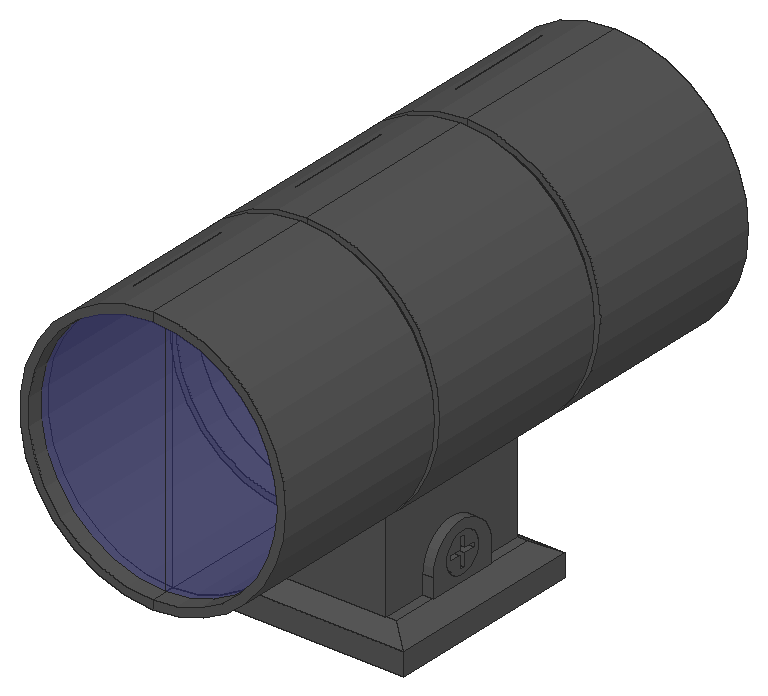
Revit family "CARLO CYLINDER LIGHT WALL MOUNT", category Lighting Fixtures, host Face, Revit 2020 (continued)
Types (10): name | Wattage_Input | Wattage Comments | Wattage | Photometric Web File | built-in parameter 1150142 | Model | built-in parameter 1150105 | Lumens | Light Length 1 | LIGHT RADIUS | LIGHT PLACEMENT | LIGHT LENGTH | LIGHT DIA | built-in parameter 1150106 | FIXED END HEIGHT | Curve base Height | Base Curve | BEAMING ANGLE | Apparent Load
     0.59403 0.7038 0.80446 0.91078 1.0316 1.1636 1.3129 \r\n 1.4592 1.5685 1.6866 1.8676 2.0529 2.1881 2.3147 2.4578 2.6121 2.7909 \r\n 2.9633 3.0908 3.2093 3.3442 3.4882 3.6444 3.8079 3.9728 4.1462 4.3326 \r\n 4.5342 4.7449 4.993 5.2937 5.6796 6.1845 6.8195 7.6367 8.5475 9.4854 \r\n 10.436 11.323 12.263 13.116 14.572 17.259 21.228 27.019 33.787 40.932 \r\n 48.248 55.182 62.184 69.635 77.186 84.644 91.915 98.921 105.41 111.03 \r\n 115.98 120.51 124.13 126.13 127.41 128.67 129.76 130.74 131.64 132.52 \r\n 133.39 134.26 135.17 136.19 137.23 138.17 139.13 140.17 141.29 142.47 \r\n 143.82 145.46 147.35 149.46 151.95 154.99 158.56 162.62 167.47 173.38 \r\n 180.47 188.33 198.77 214.55 232.43 249.79 267.59 284.66 304.73 332.12 \r\n 363.85 398.42 435.63 474.69 515.84 559.13 604.33 651.42 699.73 748.57 \r\n 797.93 847.75 897.6 947.22 996.05 1043.9 1089.3 1131.2 1169.1 1201.4 \r\n 1230.2 1257 1282.5 1308 1333.3 1359.8 1385.1 1407.8 1427.2 1441.7 \r\n 1452.3 \r\n1448.4 1439.1 1426.1 1410 1391.4 1371 1348.3 1322.9 1295.6 1267.7 \r\n 1237.5 1203.7 1166.8 1126.9 1084.4 1039.6 992.96 944.51 894.81 844.28 \r\n 793.32 742.19 691.68 642.56 595.16 550.25 507.3 465.81 426.41 389.43 \r\n 355.36 324.8 297.73 274.75 254.48 235.24 218.5 205.69 195.18 185.73 \r\n 177.63 170.81 165.08 160.3 156.23 152.55 149.39 146.82 144.65 142.71 \r\n 141.05 139.69 138.54 137.56 136.66 135.75 134.84 133.89 132.97 132.13 \r\n 131.34 130.57 129.84 129.17 128.48 127.72 126.82 125.89 124.44 122.05 \r\n 118.65 113.94 108.25 101.71 94.693 87.683 80.48 72.951 65.383 58.002 \r\n 50.857 44.071 37.653 31.554 26.065 21.392 17.742 15.633 14.338 13.343 \r\n 12.536 11.645 10.64 9.3211 7.9332 6.5829 5.4849 5.0122 4.7963 4.5807 \r\n 4.4024 4.2076 4.0127 3.8095 3.618 3.4611 3.3223 3.1963 3.071 2.9302 \r\n 2.7811 2.6208 2.4639 2.3309 2.2018 2.0625 1.9148 1.7453 1.5853 1.4766 \r\n 1.3729 1.229 1.0829 0.96276 0.85304 0.74618 0.64622 0.55243 0.47167 0.41359 \r\n 0.36919 0.33312 0.30408 0.27881 0.25787 0.2408 0.22749 0.21926 0.21133 0.19924 \r\n 0.1874 0.17989 0.17327 0.16486 0.15653 0.14944 0.14298 0.13713 0.13122 0.12424 \r\n 0.11723 0.11113 0.1052 0.099129 0.092657 0.084553 0.077462 0.075905 0.073015 0.060296 \r\n 0.047148 0.042495 0.039272 0.03202 0.024846 0.020789 0.017598 0.013554 0.010095 0.0088099 \r\n 0.007532 0.0036563 0.000090 0 0 0 0 0 0 0 \r\n 0 0 0 0 0 0 0 0 0.000044 0.0019379 \r\n 0.0047921 0.0086244 0.012515 0.015106 0.017728 0.0213 0.025688 0.03124 0.037421 0.043042 \r\n 0.050408 0.063366 0.0761 0.082693 0.087294 0.092143 0.097063 0.10271 0.10882 0.11534 \r\n 0.12227 0.12963 0.13728 0.1451 0.1531 0.16136 0.16958 0.17679 0.18513 0.19842 \r\n 0.21077 0.21475 0.21877 0.23207 0.24814 0.26167 0.27825 0.3029 0.332 0.36142 \r\n 0.39779 0.44442 0.50713 0.59805 0.70149 0.80314 0.91094 1.0271 1.1545 1.3048 \r\n 1.4539 1.568 1.6885 1.8618 2.0397 2.18 2.3118 2.4485 2.5954 2.7746 \r\n 2.9497 3.0805 3.2015 3.3361 3.4781 3.631 3.7886 3.9418 4.1021 4.2769 \r\n 4.4687 4.6799 4.9185 5.1831 5.5054 5.9033 6.4168 7.1151 7.9286 8.826 \r\n 9.7612 10.641 11.575 12.419 13.841 16.446 20.272 25.809 32.307 39.228 \r\n 46.426 53.498 60.682 68.149 75.691 83.192 90.538 97.66 104.3 110.14 \r\n 115.31 120.01 123.76 125.87 127.2 128.43 129.47 130.49 131.42 132.27 \r\n 133.1 133.98 134.89 135.88 136.89 137.87 138.86 139.9 141 142.18 \r\n 143.53 145.14 147.02 149.11 151.58 154.53 158.02 162.03 166.82 172.57 \r\n 179.48 187.34 197.5 211.95 228.46 245.21 262.96 280.99 302.03 329.34 \r\n 360.64 394.82 431.66 470.52 511.56 554.84 599.98 646.8 694.79 743.3 \r\n 792.47 842.42 892.51 942.36 991.37 1039.1 1084.6 1126.5 1164.6 1197.3 \r\n 1226.6 1253.5 1279.2 1305.3 1331.3 1357.7 1382.9 1405.9 1425.7 1440.8 \r\n 1452.3 \r\n1448.4 1439.4 1426.3 1409.7 1390.5 1369.2 1345.8 1320.2 1293 1265.5 \r\n 1235.7 1202.2 1165.7 1126.3 1084.2 1039.7 992.96 944.24 894.21 843.48 \r\n 792.47 741.6 691.41 642.38 595.08 550.49 507.82 466.35 426.85 389.67 \r\n 355.42 324.86 298 275.86 256.21 236.36 218.8 205.82 195.29 185.71 \r\n 177.5 170.66 164.92 160.13 156.04 152.36 149.18 146.57 144.39 142.48 \r\n 140.87 139.55 138.45 137.52 136.67 135.78 134.89 134.01 133.15 132.35 \r\n 131.59 130.82 130.09 129.45 128.81 128.09 127.24 126.32 124.84 122.35 \r\n 118.85 114.1 108.37 101.71 94.521 87.233 79.81 72.319 64.878 57.623 \r\n 50.567 43.733 37.235 31.098 25.614 21.052 17.513 15.388 14.07 13.143 \r\n 12.414 11.541 10.552 9.3032 7.9778 6.6265 5.5068 5.0152 4.7848 4.5742 \r\n 4.4042 4.2059 4.0067 3.8069 3.6191 3.4604 3.3177 3.1864 3.0581 2.9231 \r\n 2.7805 2.6192 2.4588 2.3209 2.1881 2.0522 1.9075 1.7326 1.5668 1.4592 \r\n 1.3585 1.2173 1.0725 0.94882 0.83573 0.73167 0.63479 0.539 0.4555 0.39684 \r\n 0.35283 0.31814 0.29066 0.26596 0.2456 0.23018 0.21815 0.20893 0.20012 0.18881 \r\n 0.1781 0.1712 0.16496 0.15673 0.14831 0.14075 0.13377 0.12784 0.12187 0.11433 \r\n 0.10701 0.10181 0.096902 0.090907 0.084416 0.076834 0.070348 0.069406 0.066628 0.052515 \r\n 0.037876 0.033078 0.029958 0.022066 0.014639 0.011862 0.010443 0.0080496 0.0059907 0.0052278 \r\n 0.0044695 0.0021697 0.000053 0 0 0 0 0 0 0 \r\n 0 0 0 0 0 0 0 0 0.000073 0.0033254 \r\n 0.0080241 0.013825 0.019667 0.024032 0.027949 0.03164 0.036009 0.042682 0.049721 0.054721 \r\n 0.060714 0.071414 0.082375 0.089596 0.09546 0.10082 0.10626 0.11291 0.12001 0.12746 \r\n 0.13447 0.13922 0.14463 0.1542 0.1643 0.17171 0.17886 0.18708 0.19642 0.20871 \r\n 0.21995 0.22459 0.22907 0.24126 0.25659 0.27235 0.29089 0.31356 0.34067 0.37201 \r\n 0.41057 0.45739 0.5181 0.60213 0.69915 0.8016 0.91062 1.0217 1.1442 1.2953 \r\n 1.4475 1.5661 1.6889 1.8542 2.0248 2.1704 2.3077 2.4374 2.5764 2.7556 \r\n 2.9334 3.0675 3.1912 3.3253 3.4647 3.6143 3.7657 3.9073 4.0542 4.2164 \r\n 4.3973 4.6074 4.8349 5.0601 5.317 5.6117 6.0085 6.5913 7.3088 8.1625 \r\n 9.0779 9.9446 10.872 11.719 13.124 15.679 19.383 24.64 30.836 37.521 \r\n 44.602 51.832 59.22 66.717 74.252 81.772 89.169 96.401 103.21 109.29 \r\n 114.71 119.56 123.42 125.61 126.99 128.18 129.17 130.21 131.18 132 \r\n 132.79 133.66 134.58 135.54 136.52 137.53 138.55 139.59 140.68 141.85 \r\n 143.19 144.79 146.65 148.74 151.18 154.06 157.46 161.43 166.16 171.77 \r\n 178.51 186.4 196.25 209.21 224.2 240.34 258.15 277.26 299.4 326.68 \r\n 357.57 391.35 427.81 466.49 507.44 550.75 595.87 642.41 690.04 738.24 \r\n 787.23 837.31 887.65 937.77 986.96 1034.7 1080 1122 1160.2 1193.4 \r\n 1223.2 1250.3 1276.2 1303 1329.6 1355.9 1380.9 1404 1424.2 1439.9 \r\n 1452.3 \r\n1448.4 1439.9 1426.6 1409.7 1389.9 1367.7 1343.6 1317.9 1291 1263.7 \r\n 1234.4 1201.3 1165.1 1126.2 1084.6 1040.3 993.55 944.56 894.21 843.3 \r\n 792.24 741.64 691.78 642.9 595.71 551.36 508.88 467.42 427.83 390.44 \r\n 356 325.34 298.62 277.31 258.31 237.88 219.49 206.22 195.54 185.82 \r\n 177.52 170.63 164.89 160.06 155.96 152.26 149.07 146.43 144.22 142.34 \r\n 140.77 139.48 138.42 137.53 136.72 135.84 134.98 134.15 133.35 132.59 \r\n 131.84 131.08 130.35 129.73 129.12 128.44 127.62 126.7 125.19 122.6 \r\n 119 114.2 108.41 101.63 94.289 86.767 79.157 71.686 64.339 57.188 \r\n 50.203 43.302 36.714 30.545 25.072 20.604 17.154 15.002 13.651 12.79 \r\n 12.139 11.284 10.318 9.1589 7.9247 6.6114 5.5051 5.0079 4.7672 4.5626 \r\n 4.3999 4.1988 3.9967 3.8029 3.6212 3.4616 3.3154 3.1786 3.047 2.9187 \r\n 2.7831 2.6211 2.4571 2.3138 2.1771 2.045 1.904 1.7244 1.5531 1.4459 \r\n 1.3474 1.2088 1.0654 0.93783 0.82112 0.71985 0.62605 0.52804 0.44149 0.38204 \r\n 0.3381 0.30423 0.27777 0.25346 0.23358 0.21956 0.20861 0.19862 0.1891 0.1784 \r\n 0.1686 0.16217 0.15626 0.14831 0.13997 0.13193 0.12443 0.11842 0.1124 0.10438 \r\n 0.096784 0.092283 0.088205 0.082349 0.075979 0.069111 0.063292 0.06252 0.059454 0.044191 \r\n 0.028405 0.023442 0.020383 0.012051 0.0045624 0.0030238 0.0032876 0.002537 0.0018859 0.0016458 \r\n 0.0014071 0.00068304 0.000017 0 0 0 0 0 0 0 \r\n 0 0 0 0 0 0 0 0 0.000100 0.0046214 \r\n 0.010985 0.018401 0.025826 0.031726 0.036782 0.040553 0.044874 0.052499 0.060236 0.064584 \r\n 0.069232 0.077733 0.086989 0.094889 0.10203 0.10786 0.11374 0.12121 0.12916 0.13748 \r\n 0.14461 0.14711 0.15052 0.16149 0.17332 0.17995 0.18614 0.19527 0.20545 0.21656 \r\n 0.22661 0.23226 0.23757 0.24854 0.26293 0.28081 0.30128 0.32203 0.34726 0.38066 \r\n 0.42152 0.46839 0.52715 0.60517 0.69655 0.79933 0.90903 1.0155 1.1338 1.2855 \r\n 1.44 1.5626 1.6871 1.8453 2.0091 2.1595 2.3016 2.4249 2.5566 2.7357 \r\n 2.9157 3.0527 3.1785 3.3118 3.4488 3.595 3.7408 3.8722 4.0071 4.1573 \r\n 4.3271 4.5347 4.7502 4.9371 5.1343 5.3415 5.6399 6.122 6.753 7.5614 \r\n 8.451 9.297 10.215 11.074 12.484 15.027 18.645 23.629 29.523 35.988 \r\n 42.965 50.354 57.948 65.492 73.029 80.545 87.962 95.294 102.26 108.6 \r\n 114.26 119.22 123.13 125.4 126.81 127.96 128.91 129.96 130.95 131.74 \r\n 132.49 133.36 134.27 135.19 136.16 137.19 138.24 139.27 140.35 141.52 \r\n 142.85 144.44 146.28 148.36 150.78 153.6 156.94 160.88 165.57 171.06 \r\n 177.65 185.59 195.15 206.64 220.15 235.82 253.79 273.94 297.12 324.4 \r\n 354.96 388.39 424.52 463.05 503.95 547.31 592.43 638.68 685.98 733.92 \r\n 782.77 832.99 883.59 933.96 983.32 1030.9 1076 1118 1156.5 1190.1 \r\n 1220.4 1247.8 1273.9 1301.3 1328.4 1354.6 1379.4 1402.6 1423 1439 \r\n 1452.3 \r\n1448.4 1440.4 1426.9 1409.7 1389.5 1366.6 1341.8 1316.1 1289.4 1262.3 \r\n 1233.2 1200.4 1164.6 1126.1 1084.8 1040.7 994.14 945 894.44 843.4 \r\n 792.31 741.84 692.2 643.6 596.66 552.37 509.9 468.46 428.86 391.37 \r\n 356.81 325.98 299.24 278.43 259.84 239.01 220.07 206.58 195.8 186.02 \r\n 177.68 170.75 164.97 160.12 156 152.29 149.09 146.45 144.24 142.37 \r\n 140.83 139.57 138.53 137.65 136.84 135.97 135.11 134.31 133.54 132.8 \r\n 132.06 131.31 130.59 129.98 129.37 128.66 127.8 126.86 125.31 122.67 \r\n 118.98 114.02 108.05 101.15 93.714 86.145 78.501 70.97 63.568 56.398 \r\n 49.393 42.421 35.784 29.672 24.284 19.877 16.473 14.338 13.003 12.189 \r\n 11.593 10.777 9.8657 8.8109 7.6916 6.4778 5.4468 4.9733 4.7359 4.5386 \r\n 4.3805 4.1827 3.9843 3.7984 3.6236 3.4645 3.3164 3.1765 3.0435 2.921 \r\n 2.7912 2.628 2.4606 2.3137 2.1747 2.0457 1.908 1.7259 1.5515 1.4442 \r\n 1.3464 1.2092 1.0663 0.93558 0.81613 0.71721 0.62586 0.52568 0.43631 0.37643 \r\n 0.33249 0.29776 0.27042 0.2457 0.22572 0.21208 0.20159 0.19169 0.18216 0.17131 \r\n 0.16136 0.15491 0.14912 0.14162 0.13362 0.12528 0.11745 0.11176 0.10606 0.097753 \r\n 0.089794 0.085207 0.081219 0.075654 0.069739 0.063688 0.058353 0.056713 0.052607 0.037192 \r\n 0.021487 0.016342 0.013412 0.0062011 0 0 0 0 0 0 \r\n 0 0 0 0 0 0 0 0 0 0 \r\n 0 0 0 0 0 0 0 0 0.00010335 0.0048021 \r\n 0.011352 0.018815 0.026268 0.032305 0.037444 0.041051 0.045171 0.052806 0.060454 0.064341 \r\n 0.06828 0.075561 0.083978 0.092687 0.1009 0.10686 0.11263 0.12006 0.12804 0.13681 \r\n 0.14423 0.14619 0.14898 0.1599 0.17177 0.1781 0.184 0.19324 0.20338 0.21342 \r\n 0.22279 0.22999 0.23672 0.24641 0.25935 0.27794 0.2993 0.3193 0.34406 0.37936 \r\n 0.42212 0.46881 0.52657 0.60331 0.69321 0.79456 0.90302 1.0088 1.1266 1.2782 \r\n 1.4326 1.5554 1.6795 1.8353 1.9969 2.1478 2.2903 2.4117 2.5413 2.7204 \r\n 2.9007 3.0371 3.162 3.2945 3.4302 3.5747 3.7177 3.8445 3.9736 4.1169 \r\n 4.2788 4.4801 4.6843 4.8465 5.0122 5.1863 5.4454 5.8762 6.4529 7.2096 \r\n 8.0528 8.857 9.7521 10.63 12.079 14.7 18.341 23.142 28.824 35.182 \r\n 42.133 49.628 57.367 65.024 72.628 80.082 87.441 94.843 101.94 108.5 \r\n 114.34 119.28 123.11 125.36 126.77 127.92 128.87 129.91 130.87 131.63 \r\n 132.36 133.21 134.1 135 135.94 136.97 138.03 139.05 140.12 141.28 \r\n 142.6 144.17 145.99 148.07 150.5 153.32 156.66 160.6 165.29 170.77 \r\n 177.33 185.31 194.71 205.36 218.11 233.89 252.25 272.8 296.31 323.64 \r\n 354.13 387.49 423.55 462.06 502.96 546.37 591.48 637.49 684.54 732.47 \r\n 781.42 831.81 882.59 933.14 982.56 1029.8 1074.7 1116.6 1155.1 1189 \r\n 1219.7 1247.4 1273.7 1301.4 1328.6 1354.7 1379.4 1402.5 1422.8 1438.9 \r\n 1452.3 \r\n1448.4 1440.7 1427 1409.7 1389.2 1365.7 1340.4 1314.7 1288.1 1261 \r\n 1232 1199.5 1164.1 1125.7 1084.6 1040.8 994.46 945.31 894.66 843.58 \r\n 792.46 742 692.46 644.26 597.69 553.3 510.64 469.26 429.75 392.27 \r\n 357.66 326.63 299.71 279.04 260.58 239.57 220.4 206.82 196 186.25 \r\n 177.95 170.98 165.15 160.28 156.15 152.44 149.26 146.62 144.43 142.58 \r\n 141.06 139.81 138.76 137.86 137.03 136.14 135.28 134.48 133.71 132.96 \r\n 132.23 131.5 130.8 130.19 129.54 128.74 127.78 126.79 125.22 122.54 \r\n 118.76 113.54 107.31 100.27 92.79 85.36 77.836 70.169 62.568 55.253 \r\n 48.138 41.097 34.46 28.495 23.269 18.892 15.498 13.432 12.167 11.38 \r\n 10.812 10.055 9.2258 8.2836 7.2948 6.2352 5.3365 4.9141 4.6933 4.5038 \r\n 4.3475 4.1591 3.9708 3.7942 3.6265 3.4693 3.321 3.1806 3.0481 2.9301 \r\n 2.8044 2.6395 2.4692 2.3206 2.1812 2.0544 1.919 1.737 1.5619 1.4541 \r\n 1.3558 1.2183 1.0749 0.94217 0.82116 0.72396 0.63426 0.53217 0.44047 0.38066 \r\n 0.33666 0.29948 0.26946 0.24353 0.22287 0.20855 0.19783 0.18888 0.18002 0.16831 \r\n 0.15721 0.15025 0.14434 0.13738 0.12997 0.1215 0.11357 0.10859 0.10356 0.095177 \r\n 0.086787 0.081339 0.076695 0.071539 0.066358 0.061146 0.056067 0.052597 0.046795 0.032247 \r\n 0.01785 0.012626 0.0097947 0.0043939 0 0 0 0 0 0 \r\n 0 0 0 0 0 0 0 0 0 0 \r\n 0 0 0 0 0 0 0 0 0.000082 0.0038135 \r\n 0.0090151 0.014941 0.02086 0.025604 0.029735 0.032917 0.036677 0.043388 0.050177 0.053823 \r\n 0.057746 0.064911 0.073449 0.083026 0.091998 0.097728 0.10286 0.10938 0.11661 0.12533 \r\n 0.13317 0.13637 0.13994 0.14938 0.15957 0.16611 0.17242 0.18093 0.19015 0.19935 \r\n 0.20855 0.21774 0.22637 0.2348 0.24587 0.26364 0.28475 0.30523 0.33098 0.36783 \r\n 0.41191 0.4582 0.516 0.59627 0.68897 0.78716 0.89253 1.0015 1.1229 1.2734 \r\n 1.4253 1.5446 1.6663 1.8246 1.9884 2.1354 2.2742 2.3982 2.5311 2.7102 \r\n 2.8888 3.0212 3.1423 3.2739 3.4098 3.5542 3.6974 3.8257 3.9557 4.0978 \r\n 4.2558 4.4475 4.6414 4.7945 4.9598 5.1595 5.4433 5.8769 6.4353 7.1377 \r\n 7.9167 8.6596 9.5203 10.422 11.943 14.728 18.497 23.221 28.796 35.166 \r\n 42.167 49.707 57.52 65.347 73.076 80.42 87.65 95.091 102.29 109.02 \r\n 114.97 119.74 123.36 125.5 126.87 128.06 129.05 130.05 130.95 131.68 \r\n 132.38 133.21 134.08 134.96 135.87 136.88 137.92 138.93 139.99 141.13 \r\n 142.44 143.99 145.8 147.89 150.35 153.22 156.62 160.61 165.33 170.9 \r\n 177.56 185.56 194.95 205.45 218.21 234.67 253.64 273.89 296.98 324.39 \r\n 355.1 388.68 424.94 463.55 504.49 547.94 593.03 638.84 685.76 733.95 \r\n 783.23 833.81 884.69 935.32 984.68 1031.6 1076 1117.6 1156 1190.2 \r\n 1221.1 1249.1 1275.7 1303.1 1330.1 1356.4 1381.1 1403.8 1423.5 1439.3 \r\n 1452.3 \r\n1448.4 1441 1427.1 1409.6 1388.9 1364.9 1339.2 1313.4 1286.9 1259.8 \r\n 1230.9 1198.7 1163.5 1125.3 1084.3 1040.8 994.65 945.53 894.83 843.73 \r\n 792.62 742.14 692.69 644.92 598.71 554.16 511.26 469.93 430.53 393.12 \r\n 358.5 327.27 300.14 279.45 261.01 239.94 220.7 207.05 196.19 186.49 \r\n 178.25 171.25 165.36 160.48 156.35 152.65 149.48 146.86 144.69 142.86 \r\n 141.35 140.1 139.04 138.11 137.24 136.34 135.46 134.65 133.87 133.11 \r\n 132.38 131.67 130.98 130.36 129.66 128.76 127.68 126.64 125.03 122.31 \r\n 118.43 112.95 106.45 99.285 91.79 84.54 77.168 69.36 61.538 54.055 \r\n 46.809 39.703 33.08 27.273 22.215 17.866 14.478 12.492 11.307 10.536 \r\n 9.9807 9.279 8.5327 7.7028 6.8496 5.9625 5.2153 4.8524 4.6514 4.4689 \r\n 4.3126 4.1345 3.9579 3.7912 3.631 3.4762 3.3283 3.1883 3.0565 2.9423 \r\n 2.8197 2.6531 2.48 2.3308 2.1916 2.0664 1.9328 1.7519 1.5773 1.4684 \r\n 1.3687 1.2304 1.0862 0.95202 0.8301 0.73408 0.64544 0.54186 0.44839 0.38872 \r\n 0.34455 0.30458 0.27151 0.24431 0.22289 0.20747 0.19614 0.18831 0.18028 0.16767 \r\n 0.15532 0.14771 0.14156 0.13507 0.12825 0.11976 0.11182 0.10743 0.10298 0.094702 \r\n 0.086031 0.079551 0.074031 0.069233 0.064769 0.060344 0.055438 0.049928 0.042321 0.028945 \r\n 0.016205 0.011064 0.0081668 0.003581 0 0 0 0 0 0 \r\n 0 0 0 0 0 0 0 0 0 0 \r\n 0 0 0 0 0 0 0 0 0.000055 0.0025706 \r\n 0.0060769 0.010071 0.014061 0.017175 0.020044 0.022712 0.026065 0.031694 0.037517 0.040987 \r\n 0.045088 0.052573 0.061578 0.071857 0.081307 0.086735 0.091168 0.096622 0.10293 0.1114 \r\n 0.1196 0.12448 0.12924 0.13685 0.14499 0.15188 0.15877 0.16642 0.17453 0.18292 \r\n 0.19205 0.2032 0.21375 0.22108 0.23032 0.24685 0.26733 0.28855 0.31552 0.35354 \r\n 0.39853 0.44435 0.50247 0.58739 0.6839 0.77868 0.88063 0.99369 1.1194 1.2687 \r\n 1.4173 1.5321 1.6509 1.8129 1.9803 2.1225 2.2566 2.3844 2.522 2.7009 \r\n 2.8772 3.005 3.1218 3.2527 3.3892 3.5339 3.6784 3.81
